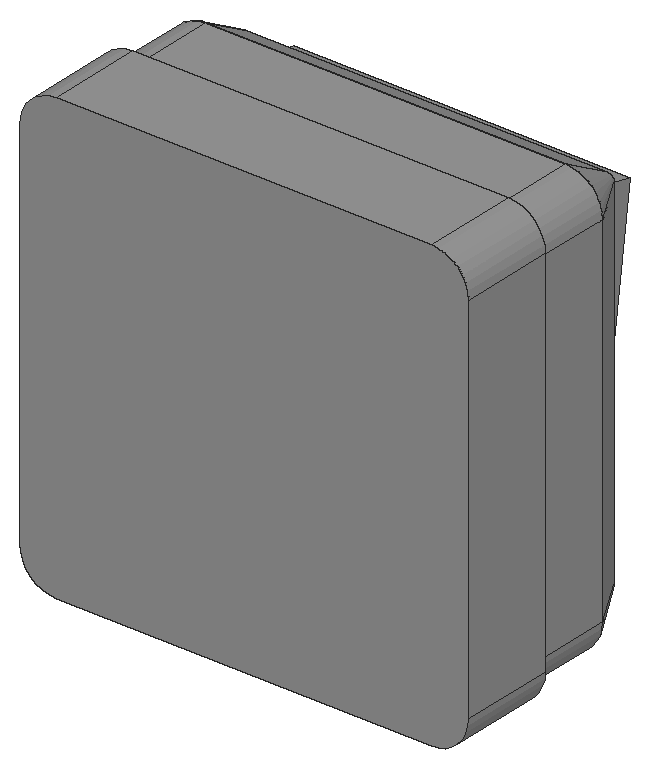
Revit family "IEK_Выключатель_ОткрытойУстановки_С Инд 10А одноклавишный IP20_ОКТАВА", category Выключатели, Revit 2019
Family settings
  Сохранять ориентацию аннотаций = Да
  Размер круглого соединителя = Использовать диаметр
  Тип детали = Переключатель
  На основе рабочей плоскости = Нет
  Всегда вертикально = Да
  При загрузке вырезать с полостями = Нет
  Общий = Нет
  Точка расчета площади = Нет
Parameters (values of type "ВС20-1-1-ОД")
  Ширина = 61 mm  # constant formula
  Тип монтажа = "Поверхность монтажа (открытая установка)"  # constant formula
  Степень защиты = "IP20"  # constant formula
  Изготовитель = "IEK"  # constant formula
  Дата изменения = ""
  Глубина = 37 mm  # constant formula
  Высота = 61 mm  # constant formula
  ΔХ [instance] = 2000 mm
  ΔY [instance] = 2000 mm
  KSI_CPr_Строительные изделия = "20.4.01"  # constant formula
  KSI_CMa_Строительные материалы = "01.7.14.03"  # constant formula
  IEK_Цена за единицу = 173.64
  IEK_Поиск в таблице имен = ""
  IEK_Описание = "Универсальный дизайн серии открытой установки \"ОКТАВА\" позволяет устанавливать изделия в квартирах, загородных домах, офисных и производственных помещениях."
  IEK_URL = "https://www.iek.ru/products/catalog/izdeliya_elektroustanovochnye_udliniteli_i_silovye_razemy/elektroustanovochnye_izdeliya/elektroustanovochnye_izdeliya_otkrytogo_montazha_ip20/elektroustanovochnye_izdeliya_oktava/elektroustanovochnye_izdeliya_oktava_tsvet_dub/vyklyuchatel_1_klavishnyy_dlya_otkrytoy_ustanovki_s_indikatsiey_vs20_1_1_od_10a_oktava_dub_iek"
  ADSK_Ток [instance] = 10 A  # constant formula
  ADSK_Примечание = ""
  ADSK_Полная мощность [instance] = ADSK_Номинальная мощность / ADSK_Коэффициент мощности  # 2200 VA
  ADSK_Позиция [instance] = ""
  ADSK_Номинальная мощность [instance] = ADSK_Ток * ADSK_Напряжение * sqrt(ADSK_Количество фаз числовое) * ADSK_Коэффициент мощности  # 2200 W
  ADSK_Напряжение = 220 V
  ADSK_Наименование = "Выключатель 1-клавишный для открытой установки с индикацией ВС20-1-1-ОД 10А ОКТАВА дуб IEK"
  ADSK_Материал обозначение = ""
  ADSK_Материал наименование = "Пластик"  # constant formula
  ADSK_Материал = Цвет дуб
  ADSK_Масса = 0.054  # constant formula
  ADSK_Марка = "ОКТАВА"  # constant formula
  ADSK_Коэффициент мощности [instance] = 1  # constant formula
  ADSK_Количество фаз числовое = 1
  ADSK_Количество фаз = 1
  ADSK_Код изделия = "EVO11-K04-10-DC"
  ADSK_Классификация нагрузок [instance] = Прочее
  ADSK_Завод-изготовитель = "IEK"  # constant formula
  ADSK_Единица измерения = "шт"  # constant formula
  ADSK_Группирование = "III ЭЛЕКТРОУСТАНОВОЧНЫЕ И ЭЛЕКТРОМОНТАЖНЫЕ ИЗДЕЛИЯ"  # constant formula
  ADSK_Версия семейства = "1.0"  # constant formula
  ADSK_Версия Revit = "2019"  # constant formula
  ADSK_URL страницы изделия = "https://www.iek.ru/products/catalog/izdeliya_elektroustanovochnye_udliniteli_i_silovye_razemy/elektroustanovochnye_izdeliya/elektroustanovochnye_izdeliya_otkrytogo_montazha_ip20/elektroustanovochnye_izdeliya_oktava/?pagec=10"
Types (3, lengths in mm): name | IEK_Цена за единицу | IEK_URL | ADSK_Наименование | ADSK_Материал | ADSK_Код изделия
  (no name) | 173.64 | "https://www.iek.ru/products/catalog/izdeliya_elektroustanovochnye_udliniteli_i_silovye_razemy/elektroustanovochnye_izdeliya/elektroustanovochnye_izdeliya_otkrytogo_montazha_ip20/elektroustanovochnye_izdeliya_oktava/elektroustanovochnye_izdeliya_oktava_tsvet_dub/vyklyuchatel_1_klavishnyy_dlya_otkrytoy_ustanovki_s_indikatsiey_vs20_1_1_od_10a_oktava_dub_iek" | "Выключатель 1-клавишный для открытой установки с индикацией ВС20-1-1-ОД 10А ОКТАВА дуб IEK" | Цвет дуб | "EVO11-K04-10-DC"
  ВС20-1-1-ОБ | 114.37 | "https://www.iek.ru/products/catalog/izdeliya_elektroustanovochnye_udliniteli_i_silovye_razemy/elektroustanovochnye_izdeliya/elektroustanovochnye_izdeliya_otkrytogo_montazha_ip20/elektroustanovochnye_izdeliya_oktava/elektroustanovochnye_izdeliya_oktava_tsvet_belyy/vyklyuchatel_1_klavishnyy_dlya_otkrytoy_ustanovki_s_indikatsiey_vs20_1_1_ob_10a_oktava_belyy_iek" | "Выключатель 1-клавишный для открытой установки с индикацией ВС20-1-1-ОБ 10А ОКТАВА белый IEK" | Цвет белый | "EVO11-K01-10-DC"
  ВС20-1-1-ОД | 173.64 | "https://www.iek.ru/products/catalog/izdeliya_elektroustanovochnye_udliniteli_i_silovye_razemy/elektroustanovochnye_izdeliya/elektroustanovochnye_izdeliya_otkrytogo_montazha_ip20/elektroustanovochnye_izdeliya_oktava/elektroustanovochnye_izdeliya_oktava_tsvet_dub/vyklyuchatel_1_klavishnyy_dlya_otkrytoy_ustanovki_s_indikatsiey_vs20_1_1_od_10a_oktava_dub_iek" | "Выключатель 1-клавишный для открытой установки с индикацией ВС20-1-1-ОД 10А ОКТАВА дуб IEK" | Цвет дуб | "EVO11-K04-10-DC"
Reference planes
  plane 1 "По центру (Вперед/Назад)": y = 0
  plane 2: z = 0
  plane 3 "По центру (Влево/Вправо)": x = 0
  plane 4 "Высота ножек": z = 280
  plane 5 "Высота": z = 2081.496
  plane 6: x = -2000
  plane 7: y = 2000
Forms (mm)
  Extrusion 1, solid, detail levels coarse
    sketch origin (0, 24, 0) x (1, 0, 0) y (0, 1, 0)
      loop
        line (-30.5, -24) -> (30.5, -24) -> (30.5, 13) -> (-30.5, 13) -> (-30.5, -24)
    from 0 to 61
  Extrusion 2, solid, detail levels medium
    sketch origin (0, 24, 0) x (1, 0, 0) y (0, 1, 0)
      loop
        line (-30.5, 13) -> (-30.5, -24) -> (30.5, -24) -> (30.5, 13) -> (-30.5, 13)
    from 0 to 61
  Extrusion 3, solid, material "Цвет дуб" <- "ADSK_Материал", detail levels fine
    sketch origin (0, 0, 30.5) x (1, 0, 0) y (0, 0, -1)
      loop
        line (-30.5, 25.5) -> (-30.5, -25.5)
        arc (-30.5, -25.5) -> (-29.036, -29.036) -> (-25.5, -30.5) r 5
        line (-25.5, -30.5) -> (25.5, -30.5)
        arc (25.5, -30.5) -> (29.036, -29.036) -> (30.5, -25.5) r 5
        line (30.5, -25.5) -> (30.5, 25.5)
        arc (30.5, 25.5) -> (29.036, 29.036) -> (25.5, 30.5) r 5
        line (25.5, 30.5) -> (-25.5, 30.5)
        arc (-25.5, 30.5) -> (-29.036, 29.036) -> (-30.5, 25.5) r 5
    from 0 to 13
  Extrusion 4, solid, material "Цвет дуб" <- "ADSK_Материал", detail levels fine
    sketch origin (0, 0, 30.5) x (1, 0, 0) y (0, 0, -1)
      loop
        line (-29.5, 24.462) -> (-29.5, -24.462)
        arc (-29.5, -24.462) -> (-28.024, -28.024) -> (-24.462, -29.5) r 5.038
        line (-24.462, -29.5) -> (24.505, -29.5)
        arc (24.505, -29.5) -> (28.037, -28.037) -> (29.5, -24.505) r 4.995
        line (29.5, -24.505) -> (29.5, 24.505)
        arc (29.5, 24.505) -> (28.037, 28.037) -> (24.505, 29.5) r 4.995
        line (24.505, 29.5) -> (-24.462, 29.5)
        arc (-24.462, 29.5) -> (-28.024, 28.024) -> (-29.5, 24.462) r 5.038
    from 13 to 24
  Blend 5, solid, material "Цвет дуб" <- "ADSK_Материал", detail levels fine
    base sketch origin (0, 0, 30.5) x (1, 0, 0) y (0, 0, -1)
      loop
        line (-29.5, 24.462) -> (-29.5, -24.462)
        arc (-29.5, -24.462) -> (-28.024, -28.024) -> (-24.462, -29.5) r 5.038
        line (-24.462, -29.5) -> (24.505, -29.5)
        arc (24.505, -29.5) -> (28.037, -28.037) -> (29.5, -24.505) r 4.995
        line (29.5, -24.505) -> (29.5, 24.505)
        arc (29.5, 24.505) -> (28.037, 28.037) -> (24.505, 29.5) r 4.995
        line (24.505, 29.5) -> (-24.462, 29.5)
        arc (-24.462, 29.5) -> (-28.024, 28.024) -> (-29.5, 24.462) r 5.038
    top sketch origin (0, 0, 30.5) x (1, 0, 0) y (0, 0, -1)
      loop
        line (-25.459, 24.5) -> (-25.459, -24.5)
        arc (-25.459, -24.5) -> (-25.178, -25.178) -> (-24.5, -25.459) r 0.959
        line (-24.5, -25.459) -> (24.5, -25.459)
        arc (24.5, -25.459) -> (25.178, -25.178) -> (25.459, -24.5) r 0.959
        line (25.459, -24.5) -> (25.459, 24.5)
        arc (25.459, 24.5) -> (25.178, 25.178) -> (24.5, 25.459) r 0.959
        line (24.5, 25.459) -> (-24.5, 25.459)
        arc (-24.5, 25.459) -> (-25.178, 25.178) -> (-25.459, 24.5) r 0.959
    from 24 to 31
  Extrusion 6, void
    sketch origin (0, 0, 30.5) x (1, 0, 0) y (0, 0, -1)
      loop
        arc (-23.459, -21.459) -> (-22.873, -22.873) -> (-21.459, -23.459) r 2
        line (-21.459, -23.459) -> (21.459, -23.459)
        arc (21.459, -23.459) -> (22.873, -22.873) -> (23.459, -21.459) r 2
        line (23.459, -21.459) -> (23.459, 21.459)
        arc (23.459, 21.459) -> (22.873, 22.873) -> (21.459, 23.459) r 2
        line (21.459, 23.459) -> (-21.459, 23.459)
        arc (-21.459, 23.459) -> (-22.873, 22.873) -> (-23.459, 21.459) r 2
        line (-23.459, 21.459) -> (-23.459, -21.459)
    from 30.5 to 31
  Extrusion 7, solid, material "Цвет дуб" <- "ADSK_Материал", detail levels fine
    sketch origin (0, 0, 30.5) x (0, 0, -1) y (0, 1, 0)
      loop
        line (-23, 30.5) -> (23, 30.5) -> (-21.529, 37) -> (-23, 30.5)
    from -22.8 to 22.8
  Extrusion 8, solid, material "Стекло красное", detail levels fine
    sketch origin (0, -1.519, 35.812) x (1, 0, 0) y (0, -0.144529, -0.989501)
      loop
        line (2.07, -11.152) -> (-1.93, -11.11)
        arc (-1.93, -11.11) -> (-3.909, -13.089) -> (-1.93, -15.069) r 1.979
        line (-1.93, -15.069) -> (2.07, -15.11)
        arc (2.07, -15.11) -> (4.049, -13.131) -> (2.07, -11.152) r 1.979
    from 35.002 to 35.872
Cuts and joins
  Extrusion 6 cuts Blend 5
Lines and regions (mm)
  reference lines
    curve 1: line (0, 44.647, 0) -> (0, -55.353, 0)
    curve 2: line (-23.829, 0, 0) -> (76.171, 0, 0)
Dimensions and locks
  locked: plane 4 "Высота ножек" to plane 2 at 280
  plane 5 "Высота" to plane 4 "Высота ножек" = 1801.496 mm
  "ΔХ": plane 6 to curve 1
  "ΔY": plane 7 to curve 2
  aligned and locked: level to plane 2
  aligned and locked: curve 2 to nested 1
  aligned and locked: nested 1 to curve 1
  aligned and locked: Blend 5 to Extrusion 4
Automatic sketch dimensions
  Extrusion 1 sketch curve to plane 1 "По центру (Вперед/Назад)" = 37 mm
  Extrusion 1 sketch curve to plane 3 "По центру (Влево/Вправо)" = 30.5 mm
  plane 3 "По центру (Влево/Вправо)" to Extrusion 1 sketch curve = 30.5 mm
  plane 1 "По центру (Вперед/Назад)" to Extrusion 1 sketch curve = 0 mm
  Extrusion 2 sketch curve to plane 3 "По центру (Влево/Вправо)" = 30.5 mm
  plane 3 "По центру (Влево/Вправо)" to Extrusion 2 sketch curve = 30.5 mm
  plane 1 "По центру (Вперед/Назад)" to Extrusion 2 sketch curve = 0 mm
  Extrusion 2 sketch curve to plane 1 "По центру (Вперед/Назад)" = 37 mm
  Extrusion 3 sketch curve to level = 0 mm
  level to Extrusion 3 sketch curve = 5 mm  (x2)
  Extrusion 3 sketch curve to plane 3 "По центру (Влево/Вправо)" = 30.5 mm
  Extrusion 3 sketch curve to Extrusion 3 sketch curve = 5 mm
  plane 3 "По центру (Влево/Вправо)" to Extrusion 3 sketch curve = 25.5 mm  (x2)
  Extrusion 3 sketch curve to Extrusion 3 sketch curve = 51 mm
  Extrusion 4 sketch curve to plane 3 "По центру (Влево/Вправо)" = 29.5 mm
  Extrusion 4 sketch curve to Extrusion 4 sketch curve = 5.038 mm  (x2)
  level to Extrusion 4 sketch curve = 1 mm
  plane 3 "По центру (Влево/Вправо)" to Extrusion 4 sketch curve = 24.505 mm  (x2)
  Extrusion 4 sketch curve to Extrusion 4 sketch curve = 4.995 mm
  Extrusion 4 sketch curve to Extrusion 4 sketch curve = 48.925 mm
  Extrusion 4 sketch curve to Extrusion 4 sketch curve = 0 mm  (x2)
  level to Blend 5 sketch curve = 6.038 mm
  Blend 5 sketch curve to plane 3 "По центру (Влево/Вправо)" = 29.5 mm
  Blend 5 sketch curve to Blend 5 sketch curve = 5.038 mm  (x2)
  plane 3 "По центру (Влево/Вправо)" to Blend 5 sketch curve = 24.505 mm  (x2)
  level to Blend 5 sketch curve = 5.995 mm
  Blend 5 sketch curve to Blend 5 sketch curve = 48.925 mm
  level to Blend 5 sketch curve = 6 mm  (x2)
  Blend 5 sketch curve to plane 3 "По центру (Влево/Вправо)" = 25.459 mm
  Blend 5 sketch curve to Blend 5 sketch curve = 0.959 mm  (x2)
  plane 3 "По центру (Влево/Вправо)" to Blend 5 sketch curve = 24.5 mm  (x2)
  Blend 5 sketch curve to Blend 5 sketch curve = 49 mm
  Extrusion 6 sketch curve to plane 3 "По центру (Влево/Вправо)" = 23.459 mm
  Extrusion 6 sketch curve to Extrusion 6 sketch curve = 2 mm  (x3)
  level to Extrusion 6 sketch curve = 7.041 mm
  plane 3 "По центру (Влево/Вправо)" to Extrusion 6 sketch curve = 21.459 mm  (x2)
  Extrusion 6 sketch curve to Extrusion 6 sketch curve = 42.917 mm
  level to Extrusion 7 sketch curve = 53.5 mm
  Extrusion 7 sketch curve to Extrusion 7 sketch curve = 1.471 mm
  level to Extrusion 7 sketch curve = 7.5 mm
  Extrusion 7 sketch curve to plane 1 "По центру (Вперед/Назад)" = 30.5 mm
  Extrusion 7 sketch curve to Extrusion 7 sketch curve = 6.5 mm
  Extrusion 8 sketch curve to plane 3 "По центру (Влево/Вправо)" = 1.93 mm
  plane 3 "По центру (Влево/Вправо)" to Extrusion 8 sketch curve = 2.07 mm
  Extrusion 8 sketch curve to Extrusion 8 sketch curve = 0.042 mm
  Extrusion 8 sketch curve to Extrusion 8 sketch curve = 1.979 mm  (x2)
  curve 2 to plane 3 "По центру (Влево/Вправо)" = 23.829 mm
  plane 3 "По центру (Влево/Вправо)" to curve 2 = 76.171 mm
  plane 1 "По центру (Вперед/Назад)" to curve 1 = 55.353 mm
  curve 1 to plane 1 "По центру (Вперед/Назад)" = 44.647 mm
Nested families
  nested 1: "УГО Выключателя" at (0, 0, 0), type "1K-O", detail levels coarse+medium
    with IP44 no
Connectors
  electrical at (0, 0, 30.5), driven by "ADSK_Количество фаз", driven by "ADSK_Классификация нагрузок", driven by "ADSK_Напряжение", driven by "ADSK_Полная мощность", driven by "ADSK_Коэффициент мощности"
    settings: on Extrusion 1, index 1, voltage 220 V, apparent load 0 VA, apparent load phase1 2200 VA, apparent load phase2 0 VA, apparent load phase3 0 VA, power factor 1, load classification "Прочее", number of poles 1, system type 31, power factor state 1, is connector primary yes, connector utility no, sub classification motor no, connector description ""
Definition of nested family "УГО Выключателя"
  Parameters (values of type "3K-O")
    IP44 [instance] = no
    3K-C = no
    2K-C = no
    1K-C = no
    3K-O = yes
    2K-O = no
    1K-O = no
  Types (6, lengths in mm): name | 3K-C | 2K-C | 1K-C | 3K-O | 2K-O | 1K-O
    2K-O | no | no | no | no | yes | no
    3K-O | no | no | no | yes | no | no
    2K-C | no | yes | no | no | no | no
    1K-O | no | no | no | no | no | yes
    1K-C | no | no | yes | no | no | no
    3K-C | yes | no | no | no | no | no
  Reference planes
    plane 1: y = 0
    plane 2: x = 0
  Lines and regions (mm)
    Filled region 1, type "Цветовая область 1", visible <- "IP44", not visible
      outline origin (0, 0, 0) x (1, 0, 0) y (0, 1, 0)
        loop
          circle (0, 2.214) r 0.994
    Filled region 2, type "Цветовая область 1", visible <- "IP44", not visible
      outline origin (-1.562, 0, 0) x (1, 0, 0) y (0, 1, 0)
        loop
          circle (11.009, 9.276) r 0.994
    Filled region 3, type "Цветовая область 1", visible <- "IP44", not visible
      outline origin (-1.562, 0, 0) x (1, 0, 0) y (0, 1, 0)
        loop
          circle (23.521, 9.279) r 0.994
    Filled region 4, type "Цветовая область 1", visible <- "IP44", not visible
      outline origin (0, 0, 0) x (1, 0, 0) y (0, 1, 0)
        loop
          circle (28.604, 9.279) r 0.994
    Filled region 5, type "Цветовая область 1", visible <- "IP44", not visible
      outline origin (0, 0, 0) x (1, 0, 0) y (0, 1, 0)
        loop
          circle (32.789, 9.279) r 0.994
    Filled region 6, type "Цветовая область 1", visible <- "IP44"
      outline origin (0, 0, 0) x (1, 0, 0) y (0, 1, 0)
        loop
          circle (0.006, 0.994) r 0.994
    Filled region 7, type "Цветовая область 1", visible <- "IP44"
      outline origin (0, 0, 0) x (1, 0, 0) y (0, 1, 0)
        loop
          circle (0.006, 0.994) r 0.994
    Filled region 8, type "Цветовая область 1", visible <- "IP44"
      outline origin (-1.562, 0, 0) x (1, 0, 0) y (0, 1, 0)
        loop
          circle (1.569, 0.994) r 0.994
    Filled region 9, type "Цветовая область 1", visible <- "IP44"
      outline origin (0, 0, 0) x (1, 0, 0) y (0, 1, 0)
        loop
          circle (0.006, 0.994) r 0.994
    Filled region 10, type "Цветовая область 1", visible <- "IP44", not visible
      outline origin (0, 0, 0) x (1, 0, 0) y (0, 1, 0)
        loop
          circle (15.057, 15.33) r 0.994
    Filled region 11, type "Цветовая область 1", visible <- "IP44"
      outline origin (-1.562, 0, 0) x (1, 0, 0) y (0, 1, 0)
        loop
          circle (1.569, 0.994) r 0.994
    Filled region 12, type "Цветовая область 1", visible <- "IP44"
      outline origin (0, 0, 0) x (1, 0, 0) y (0, 1, 0)
        loop
          circle (0.006, 0.994) r 0.994
    detail lines, visible <- "3K-O", not visible
      curve 1: line (0.86, 2.711, 0) -> (3.031, 3.964, 0)
      curve 2: line (0.639, 2.975, 0) -> (2.25, 4.895, 0)
      curve 3: line (0.323, 3.154, 0) -> (1.139, 5.524, 0)
      curve 4: circle (0, 2.214, 0) r 0.994 normal (0, 0, 1)
      curve 5: line (3.031, 3.964, 0) -> (3.431, 3.272, 0)
      curve 6: line (2.25, 4.895, 0) -> (2.863, 4.381, 0)
      curve 7: line (1.139, 5.524, 0) -> (1.896, 5.263, 0)
    detail lines, visible <- "2K-O", not visible
      curve 8: line (10.196, 9.928, 0) -> (12.088, 11.572, 0)
      curve 9: line (9.928, 10.145, 0) -> (11.143, 12.337, 0)
      curve 10: circle (9.446, 9.276, 0) r 0.994 normal (0, 0, 1)
      curve 11: line (12.088, 11.572, 0) -> (12.613, 10.968, 0)
      curve 12: line (11.143, 12.337, 0) -> (11.843, 11.949, 0)
    detail lines, visible <- "1K-O", not visible
      curve 13: line (15.627, 16.144, 0) -> (17.201, 18.393, 0)
      curve 14: circle (15.057, 15.33, 0) r 0.994 normal (0, 0, 1)
      curve 15: line (17.201, 18.393, 0) -> (17.857, 17.934, 0)
    detail lines, visible <- "3K-C", not visible
      curve 16: line (22.819, 9.775, 0) -> (24.99, 11.029, 0)
      curve 17: line (22.597, 10.04, 0) -> (24.208, 11.96, 0)
      curve 18: line (22.282, 10.218, 0) -> (23.098, 12.588, 0)
      curve 19: circle (21.958, 9.279, 0) r 0.994 normal (0, 0, 1)
      curve 20: line (24.765, 11.418, 0) -> (25.215, 10.639, 0)
      curve 21: line (23.863, 12.249, 0) -> (24.553, 11.67, 0)
      curve 22: line (22.672, 12.734, 0) -> (23.523, 12.441, 0)
    detail lines, visible <- "2K-C", not visible
      curve 23: line (29.354, 9.93, 0) -> (31.246, 11.575, 0)
      curve 24: line (29.086, 10.148, 0) -> (30.301, 12.34, 0)
      curve 25: circle (28.604, 9.279, 0) r 0.994 normal (0, 0, 1)
      curve 26: line (30.951, 11.914, 0) -> (31.541, 11.235, 0)
      curve 27: line (29.908, 12.558, 0) -> (30.695, 12.122, 0)
    detail lines, visible <- "1K-C", not visible
      curve 28: line (33.359, 10.092, 0) -> (34.797, 12.146, 0)
      curve 29: circle (32.789, 9.279, 0) r 0.994 normal (0, 0, 1)
      curve 30: line (34.428, 12.404, 0) -> (35.165, 11.887, 0)
    detail lines
      curve 31: line (0.006, 0, 0) -> (0.006, 2.454, 0)
      curve 32: line (0.006, 0, 0) -> (2.217, 0, 0)
    detail lines, visible <- "1K-C"
      curve 33: line (0.576, 1.808, 0) -> (2.014, 3.861, 0)
      curve 34: circle (0.006, 0.994, 0) r 0.994 normal (0, 0, 1)
      curve 35: line (1.645, 4.119, 0) -> (2.383, 3.603, 0)
    detail lines, visible <- "2K-C"
      curve 36: line (0.756, 1.645, 0) -> (2.648, 3.29, 0)
      curve 37: line (0.488, 1.863, 0) -> (1.703, 4.055, 0)
      curve 38: circle (0.006, 0.994, 0) r 0.994 normal (0, 0, 1)
      curve 39: line (2.353, 3.629, 0) -> (2.943, 2.95, 0)
      curve 40: line (1.31, 4.273, 0) -> (2.097, 3.837, 0)
    detail lines, visible <- "3K-C"
      curve 41: line (0.867, 1.49, 0) -> (3.037, 2.744, 0)
      curve 42: line (0.645, 1.755, 0) -> (2.256, 3.675, 0)
      curve 43: line (0.33, 1.933, 0) -> (1.146, 4.303, 0)
      curve 44: circle (0.006, 0.994, 0) r 0.994 normal (0, 0, 1)
      curve 45: line (2.812, 3.133, 0) -> (3.262, 2.354, 0)
      curve 46: line (1.911, 3.964, 0) -> (2.601, 3.386, 0)
      curve 47: line (0.72, 4.449, 0) -> (1.571, 4.156, 0)
    detail lines, visible <- "1K-O"
      curve 48: line (0.576, 1.808, 0) -> (2.151, 4.056, 0)
      curve 49: circle (0.006, 0.994, 0) r 0.994 normal (0, 0, 1)
      curve 50: line (2.151, 4.056, 0) -> (2.806, 3.597, 0)
    detail lines, visible <- "2K-O"
      curve 51: line (0.756, 1.645, 0) -> (2.648, 3.29, 0)
      curve 52: line (0.488, 1.863, 0) -> (1.703, 4.055, 0)
      curve 53: circle (0.006, 0.994, 0) r 0.994 normal (0, 0, 1)
      curve 54: line (2.648, 3.29, 0) -> (3.173, 2.686, 0)
      curve 55: line (1.703, 4.055, 0) -> (2.403, 3.667, 0)
    detail lines, visible <- "3K-O"
      curve 56: line (0.867, 1.49, 0) -> (3.037, 2.744, 0)
      curve 57: line (0.645, 1.755, 0) -> (2.256, 3.675, 0)
      curve 58: line (0.33, 1.933, 0) -> (1.146, 4.303, 0)
      curve 59: circle (0.006, 0.994, 0) r 0.994 normal (0, 0, 1)
      curve 60: line (3.037, 2.744, 0) -> (3.437, 2.051, 0)
      curve 61: line (2.256, 3.675, 0) -> (2.869, 3.161, 0)
      curve 62: line (1.146, 4.303, 0) -> (1.902, 4.042, 0)
